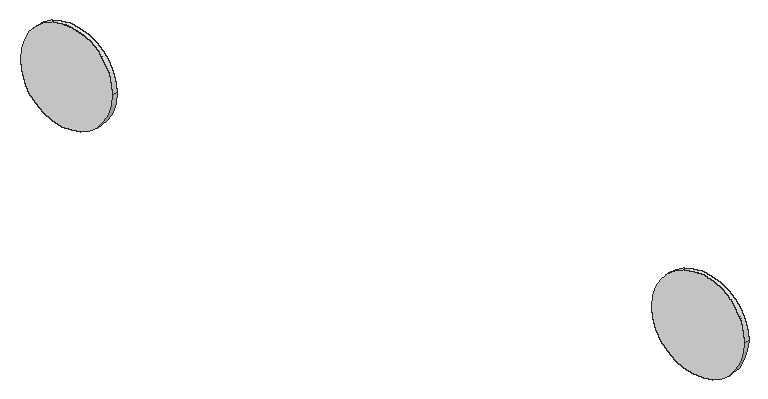
Revit family "TX471SEN", category Plumbing Fixtures, host Wall, Revit 2018
Family settings
  Host = Wall
  Round Connector Dimension = Use Diameter
  Part Type = Normal
  OmniClass Number = 23.45.00.00
  OmniClass Title = Sanitary, Laundry, and Cleaning Equipment
  Always vertical = Yes
  Cut with Voids When Loaded = No
  Shared = No
  Room Calculation Point = No
Parameters (values of type "Type 1")
  Water Supply Size = 22 mm
  Operating Water Pressure Min = 0.05 MPa
  Operating Water Pressure Max = 0.75 MPa
  Main Material = "Brass"
  Finishing = Chrome - Polished
  Connection Type = "G ½"
Reference planes
  plane 1: y = 0
  plane 2 "Center (Left/Right)": x = 125
  plane 3 "Back": y = 150
Forms (mm)
  Extrusion 1, solid
    sketch origin (-5303.518, 0, -51.577) x (1, 0, 0) y (0, 0, 1)
      loop
        circle (5228.733, 871.498) r 11
    from 0 to -1
  Extrusion 2, solid
    sketch origin (5303.972, 0, -51.577) x (-1, 0, 0) y (0, 0, -1)
      loop
        circle (5228.733, -871.498) r 11
    from 0 to -1
Text (mm)
  text "Placement side" at (-1787.139, 592.35, 0), in view "Ref. Level"
  text "Placement side" at (0, 1827.695, 2917.686), in view "Left"
  text "Placement side" at (0, 562.268, 3853.606), in view "Right"
Dimensions and locks
  locked: plane 3 "Back" to host wall at 0
Connectors
  piping at (-74.785, 1, 819.922), diameter 9.5
    settings: on Extrusion 1, index 1, connector inside diameter 609.6 mm, connector length 0 mm, flow factor 0, pipe flow 0.0 L/min, pressure drop 0.0 MPa, fitting loss kfactor 0, connector angle 0.00°, fixture units 0, engagement length 0 mm, angle of deflection 0.00°, flow configuration 2, flow direction 1, fitting loss method 0, system type 19, joint type 0, gender type 0, connector reference index -1, connector utility 0, adjustable connector no, is connector primary yes, connector description ""
  piping at (75.239, 1, 819.922), diameter 9.5
    settings: on Extrusion 2, index 2, connector inside diameter 609.6 mm, connector length 0 mm, flow factor 0, pipe flow 0.0 L/min, pressure drop 0.0 MPa, fitting loss kfactor 0, connector angle 0.00°, fixture units 0, engagement length 0 mm, angle of deflection 0.00°, flow configuration 2, flow direction 1, fitting loss method 0, system type 20, joint type 0, gender type 0, connector reference index -1, connector utility 0, adjustable connector no, is connector primary no, connector description ""
